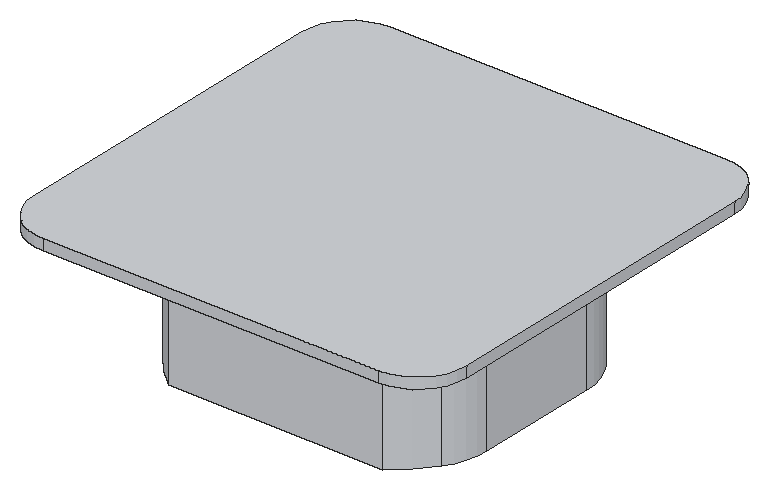
Revit family "Gira_015600", category Electrical Fixtures, host Face, Revit 2017
Family settings
  Host = Face
  Maintain Annotation Orientation = Yes
  Round Connector Dimension = Use Diameter
  Part Type = Normal
  Cut with Voids When Loaded = No
  Shared = No
  Room Calculation Point = No
Parameters (values of type "Wipptaster Wechsler Einsatz")
  Zusammenstellung = "Basiselement"
  Werkstoffgüte = "sonstige"
  Werkstoff = "sonstige"
  URL = "http://katalog.gira.de/de_DE/datenblatt.html?artikelnr=015600"
  Transparent = "No"
  Textfeld/Beschriftungsfläche = "No"
  Rückmeldekontakt = "No"
  Region = "DE"
  Oberfläche = "sonstige"
  Nennspannung = "250 Volt"
  Name = "Wipptaster Wechsler Einsatz"
  Montageart = "unter Putz"
  Mit Beleuchtung = "No"
  Manufacturer URL = "https://www.gira.de/"
  Kontakte = "1 Wechsler"
  Keynote = "Einsatz_1fach"
  HeinzeBIM = "https://bimportal.heinze.de/bim/wipptaster-wechsler-einsatz/1a010ad8abef6b13ff5210e33f9a80dd8af154b3"
  Halogenfrei = "No"
  HAN = "015600"
  Geeignet für Schutzart (IP) = "IP20"
  GTIN = "4010337156000"
  Farbe = "sonstige"
  Default Elevation = 1219.2 mm
  Data sheet (1) = "https://katalog.gira.de/de_DE/download.html?artikelnr=015600"
  Category = "Taster"
  Bemessungsstrom = "10 Ampere"
  Befestigungsart = "Krallen-/Schraubbefestigung"
  Bedienungsart = "Wippe"
  Available = "Yes"
  Ausführung = "Einzeltaster"
  Aufdruck = "ohne"
  Anzahl der Betätigungswippen = "1 "
Reference planes
  plane 1 "Center (Front/Back)": y = 0
  plane 2: z = 0
  plane 3 "Center (Left/Right)": x = 0
Forms (mm)
  Extrusion 1, solid, detail levels fine
    sketch origin (0, 0, 0) x (1, 0, 0) y (0, 1, 0)
      loop
        line (27.475, 35.475) -> (-27.475, 35.475)
        arc (-27.475, 35.475) -> (-33.132, 33.132) -> (-35.475, 27.475) r 8
        line (-35.475, 27.475) -> (-35.475, -27.475)
        arc (-35.475, -27.475) -> (-33.132, -33.132) -> (-27.475, -35.475) r 8
        line (-27.475, -35.475) -> (27.475, -35.475)
        arc (27.475, -35.475) -> (33.132, -33.132) -> (35.475, -27.475) r 8
        line (35.475, -27.475) -> (35.475, 27.475)
        arc (35.475, 27.475) -> (33.132, 33.132) -> (27.475, 35.475) r 8
    from 0 to 1.8
  Extrusion 2, solid, detail levels fine
    sketch origin (0, 0, 0) x (1, 0, 0) y (0, 1, 0)
      loop
        line (9.678, 25.4) -> (-9.678, 25.4)
        arc (-9.678, 25.4) -> (-12.885, 24.922) -> (-15.814, 23.53) r 11
        arc (-15.814, 23.53) -> (-17.795, 22.07) -> (-19.641, 20.444) r 28.35
        arc (-19.641, 20.444) -> (-21.339, 18.665) -> (-22.876, 16.745) r 28.35
        arc (-22.876, 16.745) -> (-24.456, 13.666) -> (-25, 10.248) r 11
        line (-25, 10.248) -> (-25, -10.248)
        arc (-25, -10.248) -> (-24.456, -13.666) -> (-22.876, -16.745) r 11
        arc (-22.876, -16.745) -> (-20.409, -19.677) -> (-17.569, -22.25) r 28.35
        line (-17.569, -22.25) -> (17.569, -22.25)
        arc (17.569, -22.25) -> (20.409, -19.677) -> (22.876, -16.745) r 28.35
        arc (22.876, -16.745) -> (24.456, -13.666) -> (25, -10.248) r 11
        line (25, -10.248) -> (25, 10.248)
        arc (25, 10.248) -> (24.456, 13.666) -> (22.876, 16.745) r 11
        arc (22.876, 16.745) -> (21.593, 18.37) -> (20.195, 19.897) r 28.35
        arc (20.195, 19.897) -> (18.096, 21.823) -> (15.814, 23.53) r 28.35
        arc (15.814, 23.53) -> (12.885, 24.922) -> (9.678, 25.4) r 11
    from -22 to 0
  Extrusion 3, solid, detail levels medium
    sketch origin (0, 0, 0) x (1, 0, 0) y (0, 1, 0)
      loop
        line (-25, 25.4) -> (-25, -22.25) -> (25, -22.25) -> (25, 25.4) -> (-25, 25.4)
    from -22 to 0
  Extrusion 4, solid, detail levels coarse
    sketch origin (0, 0, 0) x (1, 0, 0) y (0, 1, 0)
      loop
        line (35.475, 35.475) -> (-35.475, 35.475) -> (-35.475, -35.475) -> (35.475, -35.475) -> (35.475, 35.475)
    from -22 to 1.8
  Extrusion 5, solid, detail levels medium
    sketch origin (0, 0, 0) x (1, 0, 0) y (0, 1, 0)
      loop
        line (35.475, 35.475) -> (-35.475, 35.475) -> (-35.475, -35.475) -> (35.475, -35.475) -> (35.475, 35.475)
    from 0 to 1.8
Dimensions and locks
  aligned and locked: plane 2 to host face
  aligned and locked: level to host face
  aligned and locked: plane 3 "Center (Left/Right)" to nested 1
  aligned and locked: plane 1 "Center (Front/Back)" to nested 1
Nested families
  nested 1: "RJ45-Datendose Beschriftung" at (0, 0, 0), type "RJ45-Datendose Beschriftung"
Connectors
  electrical at (0, 0, -22)
    settings: on Extrusion 4, index 1, voltage 220 V, apparent load 0 VA, apparent load phase1 0 VA, apparent load phase2 0 VA, apparent load phase3 0 VA, power factor 1, load classification "Other", number of poles 1, system type 30, power factor state 1, is connector primary yes, connector utility no, sub classification motor no, connector description ""
Definition of nested family "RJ45-Datendose Beschriftung"
  Reference planes
    plane 1: y = 0
    plane 2: x = 0
  Lines and regions (mm)
    Filled region 1, type "Gefüllter Bereich 1"
      outline origin (0, 0, 0) x (1, 0, 0) y (0, 1, 0)
        loop
          circle (0, 2.4) r 0.4
    detail lines
      curve 1: line (0, 0, 0) -> (0, 2, 0)
      curve 2: line (0, 2, 0) -> (1.2, 2, 0)
      curve 3: line (1.2, 2, 0) -> (1.2, 3.6, 0)
      curve 4: circle (0, 2.4, 0) r 0.4 normal (0, 0, 1)
      curve 5: line (0, 2, 0) -> (-1.2, 2, 0)
      curve 6: line (-1.2, 2, 0) -> (-1.2, 3.6, 0)
